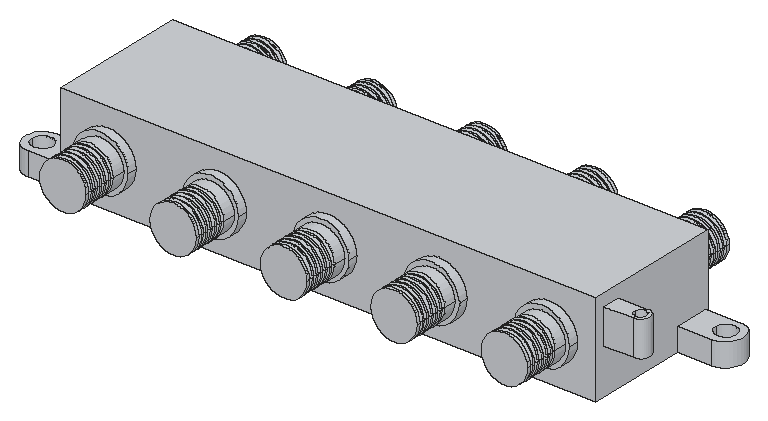
Revit family "Derivador 815-820-825", category Aparatos eléctricos, Revit 2019 (continued)
Lines and regions (mm)
  model lines, detail levels medium+fine
    curve 482: line (2.927, 9.152, 0) -> (2.927, 12.171, 0)
    curve 483: arc (-2.725, 12.188, 0) -> (-2.912, 12.374, 0) -> (-3.098, 12.188, 0) r 0.187
    curve 484: arc (2.553, 12.171, 0) -> (2.74, 12.358, 0) -> (2.927, 12.171, 0) r 0.187
    curve 485: line (-1.155, 11.719, 0) -> (0.093, 11.719, 0)
    curve 486: line (-0.134, 10.434, 0) -> (1.02, 11.588, 0)
    curve 487: line (-1.605, 11.906, 0) -> (-0.134, 10.434, 0)
    curve 488: line (-1.605, 11.906, 0) -> (-0.093, 11.906, 0)
    curve 489: line (-0.093, 13.25, 0) -> (-0.093, 11.906, 0)
    curve 490: arc (0.093, 13.25, 0) -> (0, 13.344, 0) -> (-0.093, 13.25, 0) r 0.093
    curve 491: arc (0.888, 11.72, 0) -> (1.02, 11.72, 0) -> (1.02, 11.588, 0) r 0.093
    curve 492: arc (-1.866, 6.117, 0) -> (-1.614, 5.865, 0) -> (-1.362, 6.117, 0) r 0.252
    curve 493: arc (-1.362, 8.527, 0) -> (-1.614, 8.78, 0) -> (-1.866, 8.527, 0) r 0.252
    curve 494: circle (-1.605, -7.425, 0) r 1.165 normal (0, 0, 1)
    curve 495: line (1.559, -6.519, 0) -> (1.559, -7.589, 0)
    curve 496: arc (1.559, -7.589, 0) -> (0.598, -8.527, 0) -> (-0.316, -7.542, 0) r 0.938
    curve 497: line (-0.316, -7.542, 0) -> (-0.316, -6.49, 0)
    curve 498: line (1.714, -6.845, 0) -> (2.299, -6.845, 0)
    curve 499: line (2.299, -6.845, 0) -> (2.299, -8.507, 0)
    curve 500: line (2.299, -8.507, 0) -> (2.799, -8.507, 0)
    curve 501: line (2.799, -8.507, 0) -> (2.799, -6.845, 0)
    curve 502: line (2.799, -6.845, 0) -> (3.377, -6.845, 0)
    curve 503: line (2.195, -12.108, 0) -> (2.195, -9.855, 0)
    curve 504: line (2.195, -9.855, 0) -> (-2.226, -9.855, 0)
    curve 505: line (-2.226, -9.855, 0) -> (-2.226, -12.095, 0)
    curve 506: line (-2.681, -12.095, 0) -> (-2.681, -9.449, 0)
    curve 507: line (-2.681, -9.449, 0) -> (2.648, -9.449, 0)
    curve 508: line (2.648, -9.449, 0) -> (2.648, -12.095, 0)
    curve 509: line (0, -7.551, 0) -> (0, -6.49, 0)
    curve 510: line (1.243, -6.519, 0) -> (1.243, -7.589, 0)
    curve 511: arc (1.243, -7.589, 0) -> (0.602, -8.211, 0) -> (0, -7.551, 0) r 0.622
    curve 512: arc (1.559, -6.519, 0) -> (1.401, -6.361, 0) -> (1.243, -6.519, 0) r 0.158
    curve 513: arc (-0.316, -6.49, 0) -> (-0.158, -6.332, 0) -> (0, -6.49, 0) r 0.158
    curve 514: circle (-1.605, -7.425, 0) r 0.849 normal (0, 0, 1)
    curve 515: line (1.714, -6.346, 0) -> (3.377, -6.346, 0)
    curve 516: line (1.714, -6.845, 0) -> (1.714, -6.346, 0)
    curve 517: line (3.377, -6.845, 0) -> (3.377, -6.346, 0)
    curve 518: arc (2.648, -12.095, 0) -> (2.428, -12.335, 0) -> (2.195, -12.108, 0) r 0.227
    curve 519: arc (-2.226, -12.095, 0) -> (-2.453, -12.322, 0) -> (-2.681, -12.095, 0) r 0.228
    curve 520: line (0.195, -10.172, 0) -> (0.195, -11.865, 0)
    curve 521: line (-0.864, -11.865, 0) -> (0, -12.73, 0)
    curve 522: line (0, -12.73, 0) -> (0.865, -11.865, 0)
    curve 523: line (-0.864, -11.865, 0) -> (0.195, -11.865, 0)
    curve 524: line (0, -12.953, 0) -> (0.977, -11.976, 0)
    curve 525: line (-1.246, -11.707, 0) -> (0, -12.953, 0)
    curve 526: line (-1.246, -11.707, 0) -> (0.031, -11.707, 0)
    curve 527: line (0.031, -10.172, 0) -> (0.031, -11.707, 0)
    curve 528: arc (0.195, -10.172, 0) -> (0.113, -10.089, 0) -> (0.031, -10.172, 0) r 0.082
    curve 529: arc (0.865, -11.865, 0) -> (0.977, -11.865, 0) -> (0.977, -11.976, 0) r 0.079
    curve 546: line (-0.19, 7.912, 20) -> (0.527, 6.265, 20)
    curve 547: arc (0.527, 6.265, 20) -> (1.2, 5.937, 20) -> (1.632, 6.548, 20) r 0.578
    curve 548: line (1.632, 6.548, 20) -> (1.679, 8.35, 20)
    curve 549: arc (1.679, 8.35, 20) -> (1.409, 8.621, 20) -> (1.151, 8.338, 20) r 0.264
    curve 550: line (1.151, 8.338, 20) -> (1.151, 6.834, 20)
    curve 551: line (-1.362, 8.527, 20) -> (-1.362, 6.117, 20)
    curve 552: line (0.845, 6.834, 20) -> (0.169, 8.287, 20)
    curve 553: arc (0.169, 8.287, 20) -> (-0.414, 8.642, 20) -> (-0.965, 8.238, 20) r 0.614
    curve 554: line (-0.965, 8.238, 20) -> (-0.965, 6.117, 20)
    curve 555: line (-2.725, 12.188, 20) -> (-2.725, 9.526, 20)
    curve 556: line (-2.725, 9.526, 20) -> (2.553, 9.526, 20)
    curve 557: line (2.553, 9.526, 20) -> (2.553, 12.171, 20)
    curve 558: line (0.093, 13.25, 20) -> (0.093, 11.719, 20)
    curve 559: line (-1.155, 11.719, 20) -> (-0.134, 10.698, 20)
    curve 560: line (-0.134, 10.698, 20) -> (0.888, 11.72, 20)
    curve 561: line (-0.461, 7.902, 20) -> (-0.461, 6.117, 20)
    curve 562: arc (-0.965, 6.117, 20) -> (-0.713, 5.865, 20) -> (-0.461, 6.117, 20) r 0.252
    curve 563: arc (-0.19, 7.912, 20) -> (-0.33, 8.038, 20) -> (-0.461, 7.902, 20) r 0.136
    curve 564: arc (1.151, 6.834, 20) -> (0.998, 6.737, 20) -> (0.845, 6.834, 20) r 0.169
    curve 565: line (-1.866, 8.527, 20) -> (-1.866, 6.117, 20)
    curve 566: line (-3.098, 12.188, 20) -> (-3.098, 9.152, 20)
    curve 567: line (-3.098, 9.152, 20) -> (2.927, 9.152, 20)
    curve 568: line (2.927, 9.152, 20) -> (2.927, 12.171, 20)
    curve 569: arc (-2.725, 12.188, 20) -> (-2.912, 12.374, 20) -> (-3.098, 12.188, 20) r 0.187
    curve 570: arc (2.553, 12.171, 20) -> (2.74, 12.358, 20) -> (2.927, 12.171, 20) r 0.187
    curve 571: line (-1.155, 11.719, 20) -> (0.093, 11.719, 20)
    curve 572: line (-0.134, 10.434, 20) -> (1.02, 11.588, 20)
    curve 573: line (-1.605, 11.906, 20) -> (-0.134, 10.434, 20)
    curve 574: line (-1.605, 11.906, 20) -> (-0.093, 11.906, 20)
    curve 575: line (-0.093, 13.25, 20) -> (-0.093, 11.906, 20)
    curve 576: arc (0.093, 13.25, 20) -> (0, 13.344, 20) -> (-0.093, 13.25, 20) r 0.093
    curve 577: arc (0.888, 11.72, 20) -> (1.02, 11.72, 20) -> (1.02, 11.588, 20) r 0.093
    curve 578: arc (-1.866, 6.117, 20) -> (-1.614, 5.865, 20) -> (-1.362, 6.117, 20) r 0.252
    curve 579: arc (-1.362, 8.527, 20) -> (-1.614, 8.78, 20) -> (-1.866, 8.527, 20) r 0.252
    curve 580: circle (-1.605, -7.425, 20) r 1.165 normal (0, 0, 1)
    curve 581: line (1.559, -6.519, 20) -> (1.559, -7.589, 20)
    curve 582: arc (1.559, -7.589, 20) -> (0.598, -8.527, 20) -> (-0.316, -7.542, 20) r 0.938
    curve 583: line (-0.316, -7.542, 20) -> (-0.316, -6.49, 20)
    curve 584: line (1.714, -6.845, 20) -> (2.299, -6.845, 20)
    curve 585: line (2.299, -6.845, 20) -> (2.299, -8.507, 20)
    curve 586: line (2.299, -8.507, 20) -> (2.799, -8.507, 20)
    curve 587: line (2.799, -8.507, 20) -> (2.799, -6.845, 20)
    curve 588: line (2.799, -6.845, 20) -> (3.377, -6.845, 20)
    curve 589: line (2.195, -12.108, 20) -> (2.195, -9.855, 20)
    curve 590: line (2.195, -9.855, 20) -> (-2.226, -9.855, 20)
    curve 591: line (-2.226, -9.855, 20) -> (-2.226, -12.095, 20)
    curve 592: line (-2.681, -12.095, 20) -> (-2.681, -9.449, 20)
    curve 593: line (-2.681, -9.449, 20) -> (2.648, -9.449, 20)
    curve 594: line (2.648, -9.449, 20) -> (2.648, -12.095, 20)
    curve 595: line (0, -7.551, 20) -> (0, -6.49, 20)
    curve 596: line (1.243, -6.519, 20) -> (1.243, -7.589, 20)
    curve 597: arc (1.243, -7.589, 20) -> (0.602, -8.211, 20) -> (0, -7.551, 20) r 0.622
    curve 598: arc (1.559, -6.519, 20) -> (1.401, -6.361, 20) -> (1.243, -6.519, 20) r 0.158
    curve 599: arc (-0.316, -6.49, 20) -> (-0.158, -6.332, 20) -> (0, -6.49, 20) r 0.158
    curve 600: circle (-1.605, -7.425, 20) r 0.849 normal (0, 0, 1)
    curve 601: line (1.714, -6.346, 20) -> (3.377, -6.346, 20)
    curve 602: line (1.714, -6.845, 20) -> (1.714, -6.346, 20)
    curve 603: line (3.377, -6.845, 20) -> (3.377, -6.346, 20)
    curve 604: arc (2.648, -12.095, 20) -> (2.428, -12.335, 20) -> (2.195, -12.108, 20) r 0.227
    curve 605: arc (-2.226, -12.095, 20) -> (-2.453, -12.322, 20) -> (-2.681, -12.095, 20) r 0.228
    curve 606: line (0.195, -10.172, 20) -> (0.195, -11.865, 20)
    curve 607: line (-0.864, -11.865, 20) -> (0, -12.73, 20)
    curve 608: line (0, -12.73, 20) -> (0.865, -11.865, 20)
    curve 609: line (-0.864, -11.865, 20) -> (0.195, -11.865, 20)
    curve 610: line (0, -12.953, 20) -> (0.977, -11.976, 20)
    curve 611: line (-1.246, -11.707, 20) -> (0, -12.953, 20)
    curve 612: line (-1.246, -11.707, 20) -> (0.031, -11.707, 20)
    curve 613: line (0.031, -10.172, 20) -> (0.031, -11.707, 20)
    curve 614: arc (0.195, -10.172, 20) -> (0.113, -10.089, 20) -> (0.031, -10.172, 20) r 0.082
    curve 615: arc (0.865, -11.865, 20) -> (0.977, -11.865, 20) -> (0.977, -11.976, 20) r 0.079
    curve 768: line (-29.163, -0.392, 20) -> (-31.178, -0.392, 20)
    curve 769: arc (-31.178, -0.392, 20) -> (-31.647, 0.077, 20) -> (-31.178, 0.546, 20) r 0.469
    curve 770: line (-31.178, 0.546, 20) -> (-29.163, 0.546, 20)
    curve 771: arc (-29.163, 0.546, 20) -> (-28.745, 0.964, 20) -> (-29.163, 1.382, 20) r 0.418
    curve 772: line (-29.163, 1.382, 20) -> (-31.31, 1.382, 20)
    curve 773: arc (-31.31, 1.382, 20) -> (-32.496, 0.432, 20) -> (-31.546, -0.754, 20) r 1.075
    curve 774: arc (-31.546, -0.754, 20) -> (-32.524, -1.985, 20) -> (-31.293, -2.963, 20) r 1.112
    curve 775: line (-31.293, -2.963, 20) -> (-29.163, -2.963, 20)
    curve 776: arc (-29.163, -2.963, 20) -> (-28.741, -2.54, 20) -> (-29.163, -2.117, 20) r 0.423
    curve 777: line (-29.163, -2.117, 20) -> (-31.178, -2.117, 20)
    curve 778: arc (-31.178, -2.117, 20) -> (-31.661, -1.635, 20) -> (-31.178, -1.152, 20) r 0.483
    curve 779: line (-31.178, -1.152, 20) -> (-29.163, -1.152, 20)
    curve 780: arc (-29.163, -1.152, 20) -> (-28.783, -0.772, 20) -> (-29.163, -0.392, 20) r 0.38
    curve 781: line (-23.944, -2.963, 20) -> (-25.174, -2.963, 20)
    curve 782: line (-25.174, -2.963, 20) -> (-26.171, -1.345, 20)
    curve 783: line (-26.171, -1.345, 20) -> (-27.421, -1.355, 20)
    curve 784: line (-27.421, -1.355, 20) -> (-27.421, -2.963, 20)
    curve 785: line (-27.421, -2.963, 20) -> (-28.289, -2.963, 20)
    curve 786: line (-28.289, -2.963, 20) -> (-28.289, -0.474, 20)
    curve 787: line (-28.289, -0.474, 20) -> (-25.684, -0.474, 20)
    curve 788: arc (-25.684, -0.474, 20) -> (-25.147, 0.063, 20) -> (-25.684, 0.599, 20) r 0.537
    curve 789: line (-25.684, 0.599, 20) -> (-28.289, 0.599, 20)
    curve 790: line (-28.289, 0.599, 20) -> (-28.289, 1.503, 20)
    curve 791: line (-28.289, 1.503, 20) -> (-25.575, 1.503, 20)
    curve 792: arc (-25.575, 1.503, 20) -> (-24.183, 0.245, 20) -> (-25.293, -1.267, 20) r 1.399
    curve 793: line (-25.293, -1.267, 20) -> (-23.944, -2.963, 20)
    curve 794: line (-36.75, -2.963, 20) -> (-36.75, 1.503, 20)
    curve 795: arc (-36.75, 1.503, 20) -> (-32.828, -0.73, 20) -> (-36.75, -2.963, 20) r 2.597
    curve 796: arc (-35.896, 0.947, 20) -> (-33.682, -0.73, 20) -> (-35.896, -2.407, 20) r 1.742
    curve 797: line (-35.896, -2.407, 20) -> (-35.896, 0.947, 20)
    curve 798: line (20.266, -7.36, 20) -> (20.85, -7.36, 20)
    curve 799: line (20.85, -7.36, 20) -> (20.85, -9.022, 20)
    curve 800: line (20.85, -9.022, 20) -> (21.35, -9.022, 20)
    curve 801: line (21.35, -9.022, 20) -> (21.35, -7.36, 20)
    curve 802: line (21.35, -7.36, 20) -> (21.929, -7.36, 20)
    curve 803: line (20.266, -6.861, 20) -> (21.929, -6.861, 20)
    curve 804: line (20.266, -7.36, 20) -> (20.266, -6.861, 20)
    curve 805: line (21.929, -7.36, 20) -> (21.929, -6.861, 20)
    curve 823: line (25.565, -12.108, 20) -> (25.565, -9.855, 20)
    curve 824: line (25.565, -9.855, 20) -> (21.144, -9.855, 20)
    curve 825: line (21.144, -9.855, 20) -> (21.144, -12.095, 20)
    curve 826: line (20.689, -12.095, 20) -> (20.689, -9.449, 20)
    curve 827: line (20.689, -9.449, 20) -> (26.018, -9.449, 20)
    curve 828: line (26.018, -9.449, 20) -> (26.018, -12.095, 20)
    curve 829: arc (26.018, -12.095, 20) -> (25.798, -12.335, 20) -> (25.565, -12.108, 20) r 0.227
    curve 830: arc (21.144, -12.095, 20) -> (20.917, -12.322, 20) -> (20.689, -12.095, 20) r 0.228
    curve 831: line (23.565, -10.172, 20) -> (23.565, -11.865, 20)
    curve 832: line (22.506, -11.865, 20) -> (23.37, -12.73, 20)
    curve 833: line (23.37, -12.73, 20) -> (24.235, -11.865, 20)
    curve 834: line (22.506, -11.865, 20) -> (23.565, -11.865, 20)
    curve 835: line (23.37, -12.953, 20) -> (24.347, -11.976, 20)
    curve 836: line (22.124, -11.707, 20) -> (23.37, -12.953, 20)
    curve 837: line (22.124, -11.707, 20) -> (23.401, -11.707, 20)
    curve 838: line (23.401, -10.172, 20) -> (23.401, -11.707, 20)
    curve 839: arc (23.565, -10.172, 20) -> (23.483, -10.089, 20) -> (23.401, -10.172, 20) r 0.082
    curve 840: arc (24.235, -11.865, 20) -> (24.347, -11.865, 20) -> (24.347, -11.976, 20) r 0.079
    curve 848: line (18.056, -7.36, 20) -> (18.641, -7.36, 20)
    curve 849: line (18.641, -7.36, 20) -> (18.641, -9.022, 20)
    curve 850: line (18.641, -9.022, 20) -> (19.141, -9.022, 20)
    curve 851: line (19.141, -9.022, 20) -> (19.141, -7.36, 20)
    curve 852: line (19.141, -7.36, 20) -> (19.719, -7.36, 20)
    curve 853: line (18.056, -6.861, 20) -> (19.719, -6.861, 20)
    curve 854: line (18.056, -7.36, 20) -> (18.056, -6.861, 20)
    curve 855: line (19.719, -7.36, 20) -> (19.719, -6.861, 20)
    curve 873: line (23.355, -12.108, 20) -> (23.355, -9.855, 20)
    curve 874: line (23.355, -9.855, 20) -> (18.935, -9.855, 20)
    curve 875: line (18.935, -9.855, 20) -> (18.935, -12.095, 20)
    curve 876: line (18.48, -12.095, 20) -> (18.48, -9.449, 20)
    curve 877: line (18.48, -9.449, 20) -> (23.808, -9.449, 20)
    curve 878: line (23.808, -9.449, 20) -> (23.808, -12.095, 20)
    curve 879: arc (23.808, -12.095, 20) -> (23.589, -12.335, 20) -> (23.355, -12.108, 20) r 0.227
    curve 880: arc (18.935, -12.095, 20) -> (18.707, -12.322, 20) -> (18.48, -12.095, 20) r 0.228
    curve 881: line (21.356, -10.172, 20) -> (21.356, -11.865, 20)
    curve 882: line (20.296, -11.865, 20) -> (21.161, -12.73, 20)
    curve 883: line (21.161, -12.73, 20) -> (22.025, -11.865, 20)
    curve 884: line (20.296, -11.865, 20) -> (21.356, -11.865, 20)
    curve 885: line (21.161, -12.953, 20) -> (22.137, -11.976, 20)
    curve 886: line (19.915, -11.707, 20) -> (21.161, -12.953, 20)
    curve 887: line (19.915, -11.707, 20) -> (21.191, -11.707, 20)
    curve 888: line (21.191, -10.172, 20) -> (21.191, -11.707, 20)
    curve 889: arc (21.356, -10.172, 20) -> (21.274, -10.089, 20) -> (21.191, -10.172, 20) r 0.082
    curve 890: arc (22.025, -11.865, 20) -> (22.137, -11.865, 20) -> (22.137, -11.976, 20) r 0.079
    curve 896: line (44.016, -7.36, 20) -> (44.6, -7.36, 20)
    curve 897: line (44.6, -7.36, 20) -> (44.6, -9.022, 20)
    curve 898: line (44.6, -9.022, 20) -> (45.1, -9.022, 20)
    curve 899: line (45.1, -9.022, 20) -> (45.1, -7.36, 20)
    curve 900: line (45.1, -7.36, 20) -> (45.679, -7.36, 20)
    curve 901: line (44.016, -6.861, 20) -> (45.679, -6.861, 20)
    curve 902: line (44.016, -7.36, 20) -> (44.016, -6.861, 20)
    curve 903: line (45.679, -7.36, 20) -> (45.679, -6.861, 20)
    curve 921: line (49.315, -12.108, 20) -> (49.315, -9.855, 20)
    curve 922: line (49.315, -9.855, 20) -> (44.894, -9.855, 20)
    curve 923: line (44.894, -9.855, 20) -> (44.894, -12.095, 20)
    curve 924: line (44.439, -12.095, 20) -> (44.439, -9.449, 20)
    curve 925: line (44.439, -9.449, 20) -> (49.768, -9.449, 20)
    curve 926: line (49.768, -9.449, 20) -> (49.768, -12.095, 20)
    curve 927: arc (49.768, -12.095, 20) -> (49.548, -12.335, 20) -> (49.315, -12.108, 20) r 0.227
    curve 928: arc (44.894, -12.095, 20) -> (44.667, -12.322, 20) -> (44.439, -12.095, 20) r 0.228
    curve 929: line (47.315, -10.172, 20) -> (47.315, -11.865, 20)
    curve 930: line (46.256, -11.865, 20) -> (47.12, -12.73, 20)
    curve 931: line (47.12, -12.73, 20) -> (47.985, -11.865, 20)
    curve 932: line (46.256, -11.865, 20) -> (47.315, -11.865, 20)
    curve 933: line (47.12, -12.953, 20) -> (48.097, -11.976, 20)
    curve 934: line (45.874, -11.707, 20) -> (47.12, -12.953, 20)
    curve 935: line (45.874, -11.707, 20) -> (47.151, -11.707, 20)
    curve 936: line (47.151, -10.172, 20) -> (47.151, -11.707, 20)
    curve 937: arc (47.315, -10.172, 20) -> (47.233, -10.089, 20) -> (47.151, -10.172, 20) r 0.082
    curve 938: arc (47.985, -11.865, 20) -> (48.097, -11.865, 20) -> (48.097, -11.976, 20) r 0.079
    curve 944: line (-27.234, -7.36, 20) -> (-26.65, -7.36, 20)
    curve 945: line (-26.65, -7.36, 20) -> (-26.65, -9.022, 20)
    curve 946: line (-26.65, -9.022, 20) -> (-26.15, -9.022, 20)
    curve 947: line (-26.15, -9.022, 20) -> (-26.15, -7.36, 20)
    curve 948: line (-26.15, -7.36, 20) -> (-25.571, -7.36, 20)
    curve 949: line (-27.234, -6.861, 20) -> (-25.571, -6.861, 20)
    curve 950: line (-27.234, -7.36, 20) -> (-27.234, -6.861, 20)
    curve 951: line (-25.571, -7.36, 20) -> (-25.571, -6.861, 20)
    curve 969: line (-21.935, -12.108, 20) -> (-21.935, -9.855, 20)
    curve 970: line (-21.935, -9.855, 20) -> (-26.356, -9.855, 20)
    curve 971: line (-26.356, -9.855, 20) -> (-26.356, -12.095, 20)
    curve 972: line (-26.811, -12.095, 20) -> (-26.811, -9.449, 20)
    curve 973: line (-26.811, -9.449, 20) -> (-21.482, -9.449, 20)
    curve 974: line (-21.482, -9.449, 20) -> (-21.482, -12.095, 20)
    curve 975: arc (-21.482, -12.095, 20) -> (-21.702, -12.335, 20) -> (-21.935, -12.108, 20) r 0.227
    curve 976: arc (-26.356, -12.095, 20) -> (-26.583, -12.322, 20) -> (-26.811, -12.095, 20) r 0.228
    curve 977: line (-23.935, -10.172, 20) -> (-23.935, -11.865, 20)
    curve 978: line (-24.994, -11.865, 20) -> (-24.13, -12.73, 20)
    curve 979: line (-24.13, -12.73, 20) -> (-23.265, -11.865, 20)
    curve 980: line (-24.994, -11.865, 20) -> (-23.935, -11.865, 20)
    curve 981: line (-24.13, -12.953, 20) -> (-23.153, -11.976, 20)
    curve 982: line (-25.376, -11.707, 20) -> (-24.13, -12.953, 20)
    curve 983: line (-25.376, -11.707, 20) -> (-24.099, -11.707, 20)
    curve 984: line (-24.099, -10.172, 20) -> (-24.099, -11.707, 20)
    curve 985: arc (-23.935, -10.172, 20) -> (-24.017, -10.089, 20) -> (-24.099, -10.172, 20) r 0.082
    curve 986: arc (-23.265, -11.865, 20) -> (-23.153, -11.865, 20) -> (-23.153, -11.976, 20) r 0.079
    curve 992: line (-50.984, -7.36, 20) -> (-50.4, -7.36, 20)
    curve 993: line (-50.4, -7.36, 20) -> (-50.4, -9.022, 20)
    curve 994: line (-50.4, -9.022, 20) -> (-49.9, -9.022, 20)
    curve 995: line (-49.9, -9.022, 20) -> (-49.9, -7.36, 20)
    curve 996: line (-49.9, -7.36, 20) -> (-49.321, -7.36, 20)
    curve 997: line (-50.984, -6.861, 20) -> (-49.321, -6.861, 20)
    curve 998: line (-50.984, -7.36, 20) -> (-50.984, -6.861, 20)
    curve 999: line (-49.321, -7.36, 20) -> (-49.321, -6.861, 20)
    curve 1017: line (-45.685, -12.108, 20) -> (-45.685, -9.855, 20)
    curve 1018: line (-45.685, -9.855, 20) -> (-50.106, -9.855, 20)
    curve 1019: line (-50.106, -9.855, 20) -> (-50.106, -12.095, 20)
    curve 1020: line (-50.561, -12.095, 20) -> (-50.561, -9.449, 20)
    curve 1021: line (-50.561, -9.449, 20) -> (-45.232, -9.449, 20)
    curve 1022: line (-45.232, -9.449, 20) -> (-45.232, -12.095, 20)
    curve 1023: arc (-45.232, -12.095, 20) -> (-45.452, -12.335, 20) -> (-45.685, -12.108, 20) r 0.227
    curve 1024: arc (-50.106, -12.095, 20) -> (-50.333, -12.322, 20) -> (-50.561, -12.095, 20) r 0.228
    curve 1025: line (-47.685, -10.172, 20) -> (-47.685, -11.865, 20)
    curve 1026: line (-48.744, -11.865, 20) -> (-47.88, -12.73, 20)
    curve 1027: line (-47.88, -12.73, 20) -> (-47.015, -11.865, 20)
    curve 1028: line (-48.744, -11.865, 20) -> (-47.685, -11.865, 20)
    curve 1029: line (-47.88, -12.953, 20) -> (-46.903, -11.976, 20)
    curve 1030: line (-49.126, -11.707, 20) -> (-47.88, -12.953, 20)
    curve 1031: line (-49.126, -11.707, 20) -> (-47.849, -11.707, 20)
    curve 1032: line (-47.849, -10.172, 20) -> (-47.849, -11.707, 20)
    curve 1033: arc (-47.685, -10.172, 20) -> (-47.767, -10.089, 20) -> (-47.849, -10.172, 20) r 0.082
    curve 1034: arc (-47.015, -11.865, 20) -> (-46.903, -11.865, 20) -> (-46.903, -11.976, 20) r 0.079
    curve 1040: line (20.266, 10.978, 20) -> (20.85, 10.978, 20)
    curve 1041: line (20.85, 10.978, 20) -> (20.85, 9.316, 20)
    curve 1042: line (20.85, 9.316, 20) -> (21.35, 9.316, 20)
    curve 1043: line (21.35, 9.316, 20) -> (21.35, 10.978, 20)
    curve 1044: line (21.35, 10.978, 20) -> (21.929, 10.978, 20)
    curve 1045: line (20.266, 11.477, 20) -> (21.929, 11.477, 20)
    curve 1046: line (20.266, 10.978, 20) -> (20.266, 11.477, 20)
    curve 1047: line (21.929, 10.978, 20) -> (21.929, 11.477, 20)
    curve 1065: line (25.565, 6.23, 20) -> (25.565, 8.483, 20)
    curve 1066: line (25.565, 8.483, 20) -> (21.144, 8.483, 20)
    curve 1067: line (21.144, 8.483, 20) -> (21.144, 6.243, 20)
    curve 1068: line (20.689, 6.243, 20) -> (20.689, 8.889, 20)
    curve 1069: line (20.689, 8.889, 20) -> (26.018, 8.889, 20)
    curve 1070: line (26.018, 8.889, 20) -> (26.018, 6.243, 20)
    curve 1071: arc (26.018, 6.243, 20) -> (25.798, 6.003, 20) -> (25.565, 6.23, 20) r 0.227
    curve 1072: arc (21.144, 6.243, 20) -> (20.917, 6.016, 20) -> (20.689, 6.243, 20) r 0.228
    curve 1073: line (23.565, 8.166, 20) -> (23.565, 6.473, 20)
    curve 1074: line (22.506, 6.473, 20) -> (23.37, 5.608, 20)
    curve 1075: line (23.37, 5.608, 20) -> (24.235, 6.473, 20)
    curve 1076: line (22.506, 6.473, 20) -> (23.565, 6.473, 20)
    curve 1077: line (23.37, 5.385, 20) -> (24.347, 6.362, 20)
    curve 1078: line (22.124, 6.631, 20) -> (23.37, 5.385, 20)
    curve 1079: line (22.124, 6.631, 20) -> (23.401, 6.631, 20)
    curve 1080: line (23.401, 8.166, 20) -> (23.401, 6.631, 20)
    curve 1081: arc (23.565, 8.166, 20) -> (23.483, 8.249, 20) -> (23.401, 8.166, 20) r 0.082
    curve 1082: arc (24.235, 6.473, 20) -> (24.347, 6.473, 20) -> (24.347, 6.362, 20) r 0.079
    curve 1088: line (44.016, 10.978, 20) -> (44.6, 10.978, 20)
    curve 1089: line (44.6, 10.978, 20) -> (44.6, 9.316, 20)
    curve 1090: line (44.6, 9.316, 20) -> (45.1, 9.316, 20)
    curve 1091: line (45.1, 9.316, 20) -> (45.1, 10.978, 20)
    curve 1092: line (45.1, 10.978, 20) -> (45.679, 10.978, 20)
    curve 1093: line (44.016, 11.477, 20) -> (45.679, 11.477, 20)
    curve 1094: line (44.016, 10.978, 20) -> (44.016, 11.477, 20)
    curve 1095: line (45.679, 10.978, 20) -> (45.679, 11.477, 20)
    curve 1113: line (49.315, 6.23, 20) -> (49.315, 8.483, 20)
    curve 1114: line (49.315, 8.483, 20) -> (44.894, 8.483, 20)
    curve 1115: line (44.894, 8.483, 20) -> (44.894, 6.243, 20)
    curve 1116: line (44.439, 6.243, 20) -> (44.439, 8.889, 20)
    curve 1117: line (44.439, 8.889, 20) -> (49.768, 8.889, 20)
    curve 1118: line (49.768, 8.889, 20) -> (49.768, 6.243, 20)
    curve 1119: arc (49.768, 6.243, 20) -> (49.548, 6.003, 20) -> (49.315, 6.23, 20) r 0.227
    curve 1120: arc (44.894, 6.243, 20) -> (44.667, 6.016, 20) -> (44.439, 6.243, 20) r 0.228
    curve 1121: line (47.315, 8.166, 20) -> (47.315, 6.473, 20)
    curve 1122: line (46.256, 6.473, 20) -> (47.12, 5.608, 20)
    curve 1123: line (47.12, 5.608, 20) -> (47.985, 6.473, 20)
    curve 1124: line (46.256, 6.473, 20) -> (47.315, 6.473, 20)
    curve 1125: line (47.12, 5.385, 20) -> (48.097, 6.362, 20)
    curve 1126: line (45.874, 6.631, 20) -> (47.12, 5.385, 20)
    curve 1127: line (45.874, 6.631, 20) -> (47.151, 6.631, 20)
    curve 1128: line (47.151, 8.166, 20) -> (47.151, 6.631, 20)
    curve 1129: arc (47.315, 8.166, 20) -> (47.233, 8.249, 20) -> (47.151, 8.166, 20) r 0.082
    curve 1130: arc (47.985, 6.473, 20) -> (48.097, 6.473, 20) -> (48.097, 6.362, 20) r 0.079
    curve 1136: line (-27.234, 10.978, 20) -> (-26.65, 10.978, 20)
    curve 1137: line (-26.65, 10.978, 20) -> (-26.65, 9.316, 20)
    curve 1138: line (-26.65, 9.316, 20) -> (-26.15, 9.316, 20)
    curve 1139: line (-26.15, 9.316, 20) -> (-26.15, 10.978, 20)
    curve 1140: line (-26.15, 10.978, 20) -> (-25.571, 10.978, 20)
    curve 1141: line (-27.234, 11.477, 20) -> (-25.571, 11.477, 20)
    curve 1142: line (-27.234, 10.978, 20) -> (-27.234, 11.477, 20)
    curve 1143: line (-25.571, 10.978, 20) -> (-25.571, 11.477, 20)
    curve 1161: line (-21.935, 6.23, 20) -> (-21.935, 8.483, 20)
    curve 1162: line (-21.935, 8.483, 20) -> (-26.356, 8.483, 20)
    curve 1163: line (-26.356, 8.483, 20) -> (-26.356, 6.243, 20)
    curve 1164: line (-26.811, 6.243, 20) -> (-26.811, 8.889, 20)
    curve 1165: line (-26.811, 8.889, 20) -> (-21.482, 8.889, 20)
    curve 1166: line (-21.482, 8.889, 20) -> (-21.482, 6.243, 20)
    curve 1167: arc (-21.482, 6.243, 20) -> (-21.702, 6.003, 20) -> (-21.935, 6.23, 20) r 0.227
    curve 1168: arc (-26.356, 6.243, 20) -> (-26.583, 6.016, 20) -> (-26.811, 6.243, 20) r 0.228
    curve 1169: line (-23.935, 8.166, 20) -> (-23.935, 6.473, 20)
    curve 1170: line (-24.994, 6.473, 20) -> (-24.13, 5.608, 20)
    curve 1171: line (-24.13, 5.608, 20) -> (-23.265, 6.473, 20)
    curve 1172: line (-24.994, 6.473, 20) -> (-23.935, 6.473, 20)
    curve 1173: line (-24.13, 5.385, 20) -> (-23.153, 6.362, 20)
    curve 1174: line (-25.376, 6.631, 20) -> (-24.13, 5.385, 20)
    curve 1175: line (-25.376, 6.631, 20) -> (-24.099, 6.631, 20)
    curve 1176: line (-24.099, 8.166, 20) -> (-24.099, 6.631, 20)
    curve 1177: arc (-23.935, 8.166, 20) -> (-24.017, 8.249, 20) -> (-24.099, 8.166, 20) r 0.082
    curve 1178: arc (-23.265, 6.473, 20) -> (-23.153, 6.473, 20) -> (-23.153, 6.362, 20) r 0.079
    curve 1184: line (-50.984, 10.978, 20) -> (-50.4, 10.978, 20)
    curve 1185: line (-50.4, 10.978, 20) -> (-50.4, 9.316, 20)
    curve 1186: line (-50.4, 9.316, 20) -> (-49.9, 9.316, 20)
    curve 1187: line (-49.9, 9.316, 20) -> (-49.9, 10.978, 20)
    curve 1188: line (-49.9, 10.978, 20) -> (-49.321, 10.978, 20)
    curve 1189: line (-50.984, 11.477, 20) -> (-49.321, 11.477, 20)
    curve 1190: line (-50.984, 10.978, 20) -> (-50.984, 11.477, 20)
    curve 1191: line (-49.321, 10.978, 20) -> (-49.321, 11.477, 20)
    curve 1209: line (-45.685, 6.23, 20) -> (-45.685, 8.483, 20)
    curve 1210: line (-45.685, 8.483, 20) -> (-50.106, 8.483, 20)
    curve 1211: line (-50.106, 8.483, 20) -> (-50.106, 6.243, 20)
    curve 1212: line (-50.561, 6.243, 20) -> (-50.561, 8.889, 20)
    curve 1213: line (-50.561, 8.889, 20) -> (-45.232, 8.889, 20)
    curve 1214: line (-45.232, 8.889, 20) -> (-45.232, 6.243, 20)
    curve 1215: arc (-45.232, 6.243, 20) -> (-45.452, 6.003, 20) -> (-45.685, 6.23, 20) r 0.227
    curve 1216: arc (-50.106, 6.243, 20) -> (-50.333, 6.016, 20) -> (-50.561, 6.243, 20) r 0.228
    curve 1217: line (-47.685, 8.166, 20) -> (-47.685, 6.473, 20)
    curve 1218: line (-48.744, 6.473, 20) -> (-47.88, 5.608, 20)
    curve 1219: line (-47.88, 5.608, 20) -> (-47.015, 6.473, 20)
    curve 1220: line (-48.744, 6.473, 20) -> (-47.685, 6.473, 20)
    curve 1221: line (-47.88, 5.385, 20) -> (-46.903, 6.362, 20)
    curve 1222: line (-49.126, 6.631, 20) -> (-47.88, 5.385, 20)
    curve 1223: line (-49.126, 6.631, 20) -> (-47.849, 6.631, 20)
    curve 1224: line (-47.849, 8.166, 20) -> (-47.849, 6.631, 20)
    curve 1225: arc (-47.685, 8.166, 20) -> (-47.767, 8.249, 20) -> (-47.849, 8.166, 20) r 0.082
    curve 1226: arc (-47.015, 6.473, 20) -> (-46.903, 6.473, 20) -> (-46.903, 6.362, 20) r 0.079
  model lines, detail levels fine
    curve 296: line (114.004, 46.287, 0) -> (113.237, 46.287, 0)
    curve 297: line (113.237, 46.287, 0) -> (112.572, 47.368, 0)
    curve 298: line (112.572, 47.368, 0) -> (111.81, 47.361, 0)
    curve 299: line (111.81, 47.361, 0) -> (111.81, 46.287, 0)
    curve 300: line (111.81, 46.287, 0) -> (111.282, 46.287, 0)
    curve 301: line (111.282, 46.287, 0) -> (111.282, 47.898, 0)
    curve 302: line (111.282, 47.898, 0) -> (112.868, 47.898, 0)
    curve 303: arc (112.868, 47.898, 0) -> (113.195, 48.225, 0) -> (112.868, 48.552, 0) r 0.327
    curve 304: line (112.868, 48.552, 0) -> (111.282, 48.552, 0)
    curve 305: line (111.282, 48.552, 0) -> (111.282, 49.102, 0)
    curve 306: line (111.282, 49.102, 0) -> (112.934, 49.102, 0)
    curve 307: arc (112.934, 49.102, 0) -> (113.782, 48.336, 0) -> (113.106, 47.415, 0) r 0.852
    curve 308: line (113.106, 47.415, 0) -> (114.004, 46.287, 0)
    curve 309: line (114.561, 48.542, 0) -> (115.116, 48.542, 0)
    curve 310: line (115.116, 48.542, 0) -> (115.703, 46.98, 0)
    curve 311: line (119.264, 46.287, 0) -> (117.759, 46.287, 0)
    curve 312: arc (117.759, 46.287, 0) -> (117.367, 46.454, 0) -> (117.215, 46.853, 0) r 0.544
    curve 313: line (117.215, 46.853, 0) -> (117.215, 47.974, 0)
    curve 314: arc (117.215, 47.974, 0) -> (117.356, 48.33, 0) -> (117.701, 48.494, 0) r 0.521
    curve 315: line (117.701, 48.494, 0) -> (118.706, 48.494, 0)
    curve 316: arc (118.706, 48.494, 0) -> (119.38, 47.858, 0) -> (118.743, 47.184, 0) r 0.655
    curve 317: line (118.743, 47.184, 0) -> (117.926, 47.184, 0)
    curve 318: arc (117.926, 47.184, 0) -> (117.719, 46.976, 0) -> (117.926, 46.768, 0) r 0.208
    curve 319: line (117.926, 46.768, 0) -> (119.264, 46.768, 0)
    curve 320: line (120.192, 47.74, 0) -> (120.192, 46.341, 0)
    curve 321: line (120.192, 46.341, 0) -> (119.715, 46.341, 0)
    curve 322: line (119.715, 46.341, 0) -> (119.715, 47.912, 0)
    curve 323: arc (119.715, 47.912, 0) -> (119.833, 48.262, 0) -> (120.139, 48.47, 0) r 0.58
    curve 324: line (120.139, 48.47, 0) -> (121.162, 48.47, 0)
    curve 325: line (123.361, 46.287, 0) -> (122.027, 46.287, 0)
    curve 326: arc (122.027, 46.287, 0) -> (121.556, 46.428, 0) -> (121.384, 46.888, 0) r 0.552
    curve 327: line (121.384, 46.888, 0) -> (121.384, 49.047, 0)
    curve 328: line (121.384, 49.047, 0) -> (121.875, 49.047, 0)
    curve 329: line (121.875, 49.047, 0) -> (121.875, 47.104, 0)
    curve 330: line (124.198, 48.506, 0) -> (124.198, 46.287, 0)
    curve 331: circle (123.954, 48.986, 0) r 0.288 normal (0, 0, 1)
    curve 332: line (124.593, 46.287, 0) -> (125.098, 46.287, 0)
    curve 333: line (125.098, 46.287, 0) -> (125.098, 48.02, 0)
    curve 334: line (125.098, 48.02, 0) -> (125.826, 48.02, 0)
    curve 335: arc (125.826, 48.02, 0) -> (126.188, 47.896, 0) -> (126.396, 47.574, 0) r 0.588
    curve 336: line (126.396, 47.574, 0) -> (126.396, 46.287, 0)
    curve 337: line (126.396, 46.287, 0) -> (126.895, 46.287, 0)
    curve 338: line (126.895, 46.287, 0) -> (126.895, 47.509, 0)
    curve 339: arc (126.895, 47.509, 0) -> (126.704, 48.088, 0) -> (126.206, 48.44, 0) r 0.973
    curve 340: line (126.206, 48.44, 0) -> (124.593, 48.44, 0)
    curve 341: line (124.593, 48.44, 0) -> (124.593, 46.287, 0)
    curve 342: line (129.267, 46.287, 0) -> (127.762, 46.287, 0)
    curve 343: arc (127.762, 46.287, 0) -> (127.39, 46.442, 0) -> (127.237, 46.816, 0) r 0.526
    curve 344: line (127.237, 46.816, 0) -> (127.237, 47.978, 0)
    curve 345: arc (127.237, 47.978, 0) -> (127.373, 48.326, 0) -> (127.71, 48.489, 0) r 0.513
    curve 346: line (127.71, 48.489, 0) -> (128.709, 48.489, 0)
    curve 347: arc (128.709, 48.489, 0) -> (129.38, 47.855, 0) -> (128.747, 47.184, 0) r 0.653
    curve 348: line (128.747, 47.184, 0) -> (127.93, 47.184, 0)
    curve 349: arc (127.93, 47.184, 0) -> (127.722, 46.976, 0) -> (127.93, 46.768, 0) r 0.208
    curve 350: line (127.93, 46.768, 0) -> (129.267, 46.768, 0)
    curve 351: spline (128.9, 47.777, 0) -> (128.879, 47.846, 0) -> (128.819, 47.911, 0) -> (128.723, 47.966, 0) -> (128.598, 48.008, 0) -> (128.453, 48.035, 0) -> (128.297, 48.044, 0) -> (128.14, 48.035, 0) -> (127.995, 48.008, 0) -> (127.87, 47.966, 0) -> (127.774, 47.911, 0) -> (127.714, 47.846, 0) -> (127.693, 47.777, 0) -> (127.714, 47.708, 0) -> (127.774, 47.643, 0) -> (127.87, 47.588, 0) -> (127.995, 47.545, 0) -> (128.14, 47.518, 0) -> (128.297, 47.509, 0) -> (128.453, 47.518, 0) -> (128.598, 47.545, 0) -> (128.723, 47.588, 0) -> (128.819, 47.643, 0) -> (128.879, 47.708, 0) -> (128.9, 47.777, 0)
    curve 352: spline (118.897, 47.777, 0) -> (118.876, 47.846, 0) -> (118.816, 47.911, 0) -> (118.72, 47.966, 0) -> (118.595, 48.008, 0) -> (118.45, 48.035, 0) -> (118.293, 48.044, 0) -> (118.137, 48.035, 0) -> (117.992, 48.008, 0) -> (117.867, 47.966, 0) -> (117.771, 47.911, 0) -> (117.711, 47.846, 0) -> (117.69, 47.777, 0) -> (117.711, 47.708, 0) -> (117.771, 47.643, 0) -> (117.867, 47.588, 0) -> (117.992, 47.545, 0) -> (118.137, 47.518, 0) -> (118.293, 47.509, 0) -> (118.45, 47.518, 0) -> (118.595, 47.545, 0) -> (118.72, 47.588, 0) -> (118.816, 47.643, 0) -> (118.876, 47.708, 0) -> (118.897, 47.777, 0)
    curve 353: line (120.102, 50.928, 0) -> (121.873, 51.901, 0)
    curve 354: arc (121.873, 51.901, 0) -> (122.479, 51.724, 0) -> (122.303, 51.118, 0) r 0.446
    curve 355: line (122.303, 51.118, 0) -> (120.313, 49.956, 0)
    curve 356: arc (120.313, 49.956, 0) -> (120.03, 49.88, 0) -> (119.746, 49.956, 0) r 0.561
    curve 357: line (119.746, 49.956, 0) -> (117.377, 51.561, 0)
    curve 358: line (117.377, 51.561, 0) -> (118.018, 52.491, 0)
    curve 359: line (119.692, 53.906, 0) -> (117.988, 52.944, 0)
    curve 360: arc (117.988, 52.944, 0) -> (117.322, 53.134, 0) -> (117.518, 53.798, 0) r 0.487
    curve 361: line (117.518, 53.798, 0) -> (121.373, 55.925, 0)
    curve 362: line (121.373, 55.925, 0) -> (120.008, 56.653, 0)
    curve 363: line (119.758, 56.611, 0) -> (117.265, 55.243, 0)
    curve 364: line (117.265, 55.243, 0) -> (117.265, 56.267, 0)
    curve 365: line (117.265, 56.267, 0) -> (119.668, 57.611, 0)
    curve 366: arc (119.668, 57.611, 0) -> (119.916, 57.669, 0) -> (120.157, 57.585, 0) r 0.46
    curve 367: line (120.157, 57.585, 0) -> (122.344, 56.449, 0)
    curve 368: line (122.344, 56.449, 0) -> (122.344, 55.395, 0)
    curve 369: line (122.344, 55.395, 0) -> (120.741, 54.478, 0)
    curve 370: line (120.741, 54.478, 0) -> (122.376, 53.529, 0)
    curve 371: line (122.376, 53.529, 0) -> (122.376, 52.955, 0)
    curve 372: line (122.376, 52.955, 0) -> (121.688, 52.525, 0)
    curve 373: line (116.008, 46.98, 0) -> (116.737, 48.542, 0)
    curve 374: line (117.231, 48.542, 0) -> (116.323, 46.558, 0)
    curve 375: arc (116.323, 46.558, 0) -> (115.905, 46.287, 0) -> (115.483, 46.552, 0) r 0.463
    curve 376: line (115.483, 46.552, 0) -> (114.561, 48.542, 0)
    curve 377: line (120.373, 47.983, 0) -> (121.162, 47.983, 0)
    curve 378: line (121.162, 47.983, 0) -> (121.162, 48.47, 0)
    curve 379: arc (120.373, 47.983, 0) -> (120.242, 47.891, 0) -> (120.192, 47.74, 0) r 0.254
    curve 380: line (119.264, 46.768, 0) -> (119.264, 46.287, 0)
    curve 381: line (123.361, 46.816, 0) -> (122.171, 46.816, 0)
    curve 382: arc (122.171, 46.816, 0) -> (121.964, 46.9, 0) -> (121.875, 47.104, 0) r 0.296
    curve 383: line (123.361, 46.287, 0) -> (123.361, 46.816, 0)
    curve 384: line (123.711, 48.506, 0) -> (123.711, 46.287, 0)
    curve 385: line (123.711, 48.506, 0) -> (124.198, 48.506, 0)
    curve 386: line (123.711, 46.287, 0) -> (124.198, 46.287, 0)
    curve 387: line (129.267, 46.287, 0) -> (129.267, 46.768, 0)
    curve 388: line (114.527, 48.506, 0) -> (114.527, 46.287, 0)
    curve 389: circle (114.283, 48.986, 0) r 0.288 normal (0, 0, 1)
    curve 390: line (114.075, 48.506, 0) -> (114.075, 46.287, 0)
    curve 391: line (114.075, 48.506, 0) -> (114.527, 48.506, 0)
    curve 392: line (114.004, 46.287, 0) -> (114.527, 46.287, 0)
    curve 393: line (116.737, 48.542, 0) -> (117.231, 48.542, 0)
    curve 394: arc (115.703, 46.98, 0) -> (115.855, 46.875, 0) -> (116.008, 46.98, 0) r 0.163
    curve 395: line (121.512, 52.98, 0) -> (119.956, 53.906, 0)
    curve 396: line (118.28, 52.077, 0) -> (119.945, 50.928, 0)
    curve 397: arc (119.945, 50.928, 0) -> (120.023, 50.904, 0) -> (120.102, 50.928, 0) r 0.139
    curve 398: line (118.28, 52.077, 0) -> (118.018, 52.491, 0)
    curve 399: line (121.512, 52.98, 0) -> (121.688, 52.525, 0)
    curve 400: arc (120.008, 56.653, 0) -> (119.88, 56.653, 0) -> (119.758, 56.611, 0) r 0.387
    curve 401: arc (119.956, 53.906, 0) -> (119.824, 53.94, 0) -> (119.692, 53.906, 0) r 0.269
    curve 402: line (-47.866, 7.24, 0) -> (-49.587, 10.222, 0)
    curve 403: line (-49.587, 10.222, 0) -> (-53.972, 2.99, 0)
    curve 404: line (-53.972, 2.99, 0) -> (-45.535, 2.99, 0)
    curve 405: line (-45.535, 2.99, 0) -> (-47.512, 6.638, 0)
    curve 406: line (-47.147, 7.105, 0) -> (-44.447, 2.295, 0)
    curve 407: line (-44.447, 2.295, 0) -> (-55.023, 2.295, 0)
    curve 408: line (-55.023, 2.295, 0) -> (-49.523, 11.339, 0)
    curve 409: line (-49.523, 11.339, 0) -> (-47.436, 7.621, 0)
    curve 410: line (-45.163, 9.641, 0) -> (-49.88, 5.45, 0)
    curve 411: line (-49.88, 5.45, 0) -> (-51.61, 6.606, 0)
    curve 412: line (-49.847, 3.653, 0) -> (-45.163, 9.641, 0)
    curve 413: line (-51.61, 5.816, 0) -> (-49.847, 3.653, 0)
    curve 414: line (-51.61, 6.606, 0) -> (-51.61, 5.816, 0)
    curve 415: line (-52.329, -0.918, 0) -> (-53.095, -0.918, 0)
    curve 416: line (-53.095, -0.918, 0) -> (-53.761, 0.162, 0)
    curve 417: line (-53.761, 0.162, 0) -> (-54.523, 0.156, 0)
    curve 418: line (-54.523, 0.156, 0) -> (-54.523, -0.918, 0)
    curve 419: line (-54.523, -0.918, 0) -> (-55.051, -0.918, 0)
    curve 420: line (-55.051, -0.918, 0) -> (-55.051, 0.693, 0)
    curve 421: line (-55.051, 0.693, 0) -> (-53.464, 0.693, 0)
    curve 422: arc (-53.464, 0.693, 0) -> (-53.138, 1.019, 0) -> (-53.464, 1.346, 0) r 0.327
    curve 423: line (-53.464, 1.346, 0) -> (-55.051, 1.346, 0)
    curve 424: line (-55.051, 1.346, 0) -> (-55.051, 1.896, 0)
    curve 425: line (-55.051, 1.896, 0) -> (-53.398, 1.896, 0)
    curve 426: arc (-53.398, 1.896, 0) -> (-52.551, 1.13, 0) -> (-53.227, 0.209, 0) r 0.852
    curve 427: line (-53.227, 0.209, 0) -> (-52.329, -0.918, 0)
    curve 428: line (-51.301, 1.226, 0) -> (-51.301, -0.992, 0)
    curve 429: circle (-51.544, 1.707, 0) r 0.288 normal (0, 0, 1)
    curve 430: line (-51.823, 1.226, 0) -> (-51.823, -0.992, 0)
    curve 431: line (-51.823, 1.226, 0) -> (-51.301, 1.226, 0)
    curve 432: line (-51.823, -0.992, 0) -> (-51.301, -0.992, 0)
    curve 433: line (-50.924, 1.216, 0) -> (-50.154, 1.216, 0)
    curve 434: line (-50.154, 1.216, 0) -> (-50.154, -0.972, 0)
    curve 435: line (-50.154, -0.972, 0) -> (-49.497, -0.972, 0)
    curve 436: line (-49.497, -0.972, 0) -> (-49.497, 1.216, 0)
    curve 437: line (-49.497, 1.216, 0) -> (-48.735, 1.216, 0)
    curve 438: line (-50.924, 1.874, 0) -> (-48.735, 1.874, 0)
    curve 439: line (-50.924, 1.216, 0) -> (-50.924, 1.874, 0)
    curve 440: line (-48.735, 1.216, 0) -> (-48.735, 1.874, 0)
    curve 441: line (-46.381, -0.919, 0) -> (-47.886, -0.919, 0)
    curve 442: arc (-47.886, -0.919, 0) -> (-48.278, -0.752, 0) -> (-48.429, -0.353, 0) r 0.544
    curve 443: line (-48.429, -0.353, 0) -> (-48.429, 0.768, 0)
    curve 444: arc (-48.429, 0.768, 0) -> (-48.289, 1.124, 0) -> (-47.944, 1.288, 0) r 0.521
    curve 445: line (-47.944, 1.288, 0) -> (-46.939, 1.288, 0)
    curve 446: arc (-46.939, 1.288, 0) -> (-46.265, 0.651, 0) -> (-46.901, -0.022, 0) r 0.655
    curve 447: line (-46.901, -0.022, 0) -> (-47.718, -0.022, 0)
    curve 448: arc (-47.718, -0.022, 0) -> (-47.926, -0.23, 0) -> (-47.718, -0.438, 0) r 0.208
    curve 449: line (-47.718, -0.438, 0) -> (-46.381, -0.438, 0)
    curve 450: line (-44.071, -0.919, 0) -> (-45.405, -0.919, 0)
    curve 451: arc (-45.405, -0.919, 0) -> (-45.875, -0.778, 0) -> (-46.048, -0.319, 0) r 0.552
    curve 452: line (-46.048, -0.319, 0) -> (-46.048, 1.841, 0)
    curve 453: line (-46.048, 1.841, 0) -> (-45.557, 1.841, 0)
    curve 454: line (-45.557, 1.841, 0) -> (-45.557, -0.102, 0)
    curve 455: spline (-46.748, 0.571, 0) -> (-46.769, 0.64, 0) -> (-46.829, 0.704, 0) -> (-46.925, 0.76, 0) -> (-47.05, 0.802, 0) -> (-47.195, 0.829, 0) -> (-47.351, 0.838, 0) -> (-47.508, 0.829, 0) -> (-47.653, 0.802, 0) -> (-47.778, 0.76, 0) -> (-47.874, 0.704, 0) -> (-47.934, 0.64, 0) -> (-47.955, 0.571, 0) -> (-47.934, 0.501, 0) -> (-47.874, 0.437, 0) -> (-47.778, 0.381, 0) -> (-47.653, 0.339, 0) -> (-47.508, 0.312, 0) -> (-47.351, 0.303, 0) -> (-47.195, 0.312, 0) -> (-47.05, 0.339, 0) -> (-46.925, 0.381, 0) -> (-46.829, 0.437, 0) -> (-46.769, 0.501, 0) -> (-46.748, 0.571, 0)
    curve 456: line (-46.381, -0.438, 0) -> (-46.381, -0.919, 0)
    curve 457: line (-44.071, -0.39, 0) -> (-45.261, -0.39, 0)
    curve 458: arc (-45.261, -0.39, 0) -> (-45.467, -0.306, 0) -> (-45.557, -0.102, 0) r 0.296
    curve 459: line (-44.071, -0.919, 0) -> (-44.071, -0.39, 0)
    curve 534: line (-34.912, 2.932, 20) -> (-36.633, 5.914, 20)
    curve 535: line (-36.633, 5.914, 20) -> (-41.018, -1.318, 20)
    curve 536: line (-41.018, -1.318, 20) -> (-32.581, -1.318, 20)
    curve 537: line (-32.581, -1.318, 20) -> (-34.558, 2.33, 20)
    curve 538: line (-34.193, 2.798, 20) -> (-31.493, -2.013, 20)
    curve 539: line (-31.493, -2.013, 20) -> (-42.069, -2.013, 20)
    curve 540: line (-42.069, -2.013, 20) -> (-36.569, 7.031, 20)
    curve 541: line (-36.569, 7.031, 20) -> (-34.482, 3.314, 20)
    curve 542: line (-32.209, 5.333, 20) -> (-36.926, 1.142, 20)
    curve 543: line (-36.926, 1.142, 20) -> (-38.656, 2.298, 20)
    curve 544: line (-36.893, -0.655, 20) -> (-32.209, 5.333, 20)
    curve 545: line (-38.656, 1.508, 20) -> (-36.893, -0.655, 20)
    curve 616: line (-38.656, 2.298, 20) -> (-38.656, 1.508, 20)
    curve 617: line (29.238, -3.64, 20) -> (28.472, -3.64, 20)
    curve 618: line (28.472, -3.64, 20) -> (27.806, -2.56, 20)
    curve 619: line (27.806, -2.56, 20) -> (27.045, -2.566, 20)
    curve 620: line (27.045, -2.566, 20) -> (27.045, -3.64, 20)
    curve 621: line (27.045, -3.64, 20) -> (26.517, -3.64, 20)
    curve 622: line (26.517, -3.64, 20) -> (26.517, -2.03, 20)
    curve 623: line (26.517, -2.03, 20) -> (28.103, -2.03, 20)
    curve 624: arc (28.103, -2.03, 20) -> (28.43, -1.703, 20) -> (28.103, -1.376, 20) r 0.327
    curve 625: line (28.103, -1.376, 20) -> (26.517, -1.376, 20)
    curve 626: line (26.517, -1.376, 20) -> (26.517, -0.826, 20)
    curve 627: line (26.517, -0.826, 20) -> (28.169, -0.826, 20)
    curve 628: arc (28.169, -0.826, 20) -> (29.017, -1.592, 20) -> (28.341, -2.513, 20) r 0.852
    curve 629: line (28.341, -2.513, 20) -> (29.238, -3.64, 20)
    curve 630: line (29.796, -1.386, 20) -> (30.35, -1.386, 20)
    curve 631: line (30.35, -1.386, 20) -> (30.937, -2.947, 20)
    curve 632: line (34.499, -3.64, 20) -> (32.994, -3.64, 20)
    curve 633: arc (32.994, -3.64, 20) -> (32.601, -3.473, 20) -> (32.45, -3.075, 20) r 0.544
    curve 634: line (32.45, -3.075, 20) -> (32.45, -1.953, 20)
    curve 635: arc (32.45, -1.953, 20) -> (32.59, -1.598, 20) -> (32.935, -1.434, 20) r 0.521
    curve 636: line (32.935, -1.434, 20) -> (33.941, -1.434, 20)
    curve 637: arc (33.941, -1.434, 20) -> (34.614, -2.07, 20) -> (33.978, -2.744, 20) r 0.655
    curve 638: line (33.978, -2.744, 20) -> (33.161, -2.744, 20)
    curve 639: arc (33.161, -2.744, 20) -> (32.953, -2.951, 20) -> (33.161, -3.159, 20) r 0.208
    curve 640: line (33.161, -3.159, 20) -> (34.499, -3.159, 20)
    curve 641: line (35.426, -2.188, 20) -> (35.426, -3.586, 20)
    curve 642: line (35.426, -3.586, 20) -> (34.95, -3.586, 20)
    curve 643: line (34.95, -3.586, 20) -> (34.95, -2.016, 20)
    curve 644: arc (34.95, -2.016, 20) -> (35.068, -1.666, 20) -> (35.373, -1.458, 20) r 0.58
    curve 645: line (35.373, -1.458, 20) -> (36.396, -1.458, 20)
    curve 646: line (38.595, -3.64, 20) -> (37.261, -3.64, 20)
    curve 647: arc (37.261, -3.64, 20) -> (36.791, -3.5, 20) -> (36.618, -3.04, 20) r 0.552
    curve 648: line (36.618, -3.04, 20) -> (36.618, -0.881, 20)
    curve 649: line (36.618, -0.881, 20) -> (37.109, -0.881, 20)
    curve 650: line (37.109, -0.881, 20) -> (37.109, -2.823, 20)
    curve 651: line (39.432, -1.422, 20) -> (39.432, -3.64, 20)
    curve 652: circle (39.189, -0.942, 20) r 0.288 normal (0, 0, 1)
    curve 653: line (39.827, -3.64, 20) -> (40.332, -3.64, 20)
    curve 654: line (40.332, -3.64, 20) -> (40.332, -1.907, 20)
    curve 655: line (40.332, -1.907, 20) -> (41.06, -1.907, 20)
    curve 656: arc (41.06, -1.907, 20) -> (41.422, -2.032, 20) -> (41.631, -2.353, 20) r 0.588
    curve 657: line (41.631, -2.353, 20) -> (41.631, -3.64, 20)
    curve 658: line (41.631, -3.64, 20) -> (42.129, -3.64, 20)
    curve 659: line (42.129, -3.64, 20) -> (42.129, -2.419, 20)
    curve 660: arc (42.129, -2.419, 20) -> (41.938, -1.84, 20) -> (41.441, -1.488, 20) r 0.973
    curve 661: line (41.441, -1.488, 20) -> (39.827, -1.488, 20)
    curve 662: line (39.827, -1.488, 20) -> (39.827, -3.64, 20)
    curve 663: line (44.502, -3.64, 20) -> (42.997, -3.64, 20)
    curve 664: arc (42.997, -3.64, 20) -> (42.624, -3.485, 20) -> (42.471, -3.111, 20) r 0.526
    curve 665: line (42.471, -3.111, 20) -> (42.471, -1.95, 20)
    curve 666: arc (42.471, -1.95, 20) -> (42.608, -1.602, 20) -> (42.944, -1.439, 20) r 0.513
    curve 667: line (42.944, -1.439, 20) -> (43.944, -1.439, 20)
    curve 668: arc (43.944, -1.439, 20) -> (44.615, -2.072, 20) -> (43.981, -2.744, 20) r 0.653
    curve 669: line (43.981, -2.744, 20) -> (43.164, -2.744, 20)
    curve 670: arc (43.164, -2.744, 20) -> (42.956, -2.951, 20) -> (43.164, -3.159, 20) r 0.208
    curve 671: line (43.164, -3.159, 20) -> (44.502, -3.159, 20)
    curve 672: spline (44.135, -2.151, 20) -> (44.114, -2.082, 20) -> (44.054, -2.017, 20) -> (43.958, -1.962, 20) -> (43.833, -1.919, 20) -> (43.687, -1.892, 20) -> (43.531, -1.883, 20) -> (43.375, -1.892, 20) -> (43.23, -1.919, 20) -> (43.105, -1.962, 20) -> (43.009, -2.017, 20) -> (42.948, -2.082, 20) -> (42.928, -2.151, 20) -> (42.948, -2.22, 20) -> (43.009, -2.285, 20) -> (43.105, -2.34, 20) -> (43.23, -2.382, 20) -> (43.375, -2.409, 20) -> (43.531, -2.418, 20) -> (43.687, -2.409, 20) -> (43.833, -2.382, 20) -> (43.958, -2.34, 20) -> (44.054, -2.285, 20) -> (44.114, -2.22, 20) -> (44.135, -2.151, 20)
    curve 673: spline (34.131, -2.151, 20) -> (34.111, -2.082, 20) -> (34.051, -2.017, 20) -> (33.955, -1.962, 20) -> (33.83, -1.919, 20) -> (33.684, -1.892, 20) -> (33.528, -1.883, 20) -> (33.372, -1.892, 20) -> (33.226, -1.919, 20) -> (33.101, -1.962, 20) -> (33.005, -2.017, 20) -> (32.945, -2.082, 20) -> (32.925, -2.151, 20) -> (32.945, -2.22, 20) -> (33.005, -2.285, 20) -> (33.101, -2.34, 20) -> (33.226, -2.382, 20) -> (33.372, -2.409, 20) -> (33.528, -2.418, 20) -> (33.684, -2.409, 20) -> (33.83, -2.382, 20) -> (33.955, -2.34, 20) -> (34.051, -2.285, 20) -> (34.111, -2.22, 20) -> (34.131, -2.151, 20)
    curve 674: line (35.337, 1.001, 20) -> (37.107, 1.973, 20)
    curve 675: arc (37.107, 1.973, 20) -> (37.714, 1.797, 20) -> (37.537, 1.191, 20) r 0.446
    curve 676: line (37.537, 1.191, 20) -> (35.547, 0.029, 20)
    curve 677: arc (35.547, 0.029, 20) -> (35.264, -0.048, 20) -> (34.981, 0.029, 20) r 0.561
    curve 678: line (34.981, 0.029, 20) -> (32.611, 1.634, 20)
    curve 679: line (32.611, 1.634, 20) -> (33.253, 2.563, 20)
    curve 680: line (34.927, 3.978, 20) -> (33.223, 3.017, 20)
    curve 681: arc (33.223, 3.017, 20) -> (32.556, 3.206, 20) -> (32.752, 3.871, 20) r 0.487
    curve 682: line (32.752, 3.871, 20) -> (36.607, 5.997, 20)
    curve 683: line (36.607, 5.997, 20) -> (35.243, 6.726, 20)
    curve 684: line (34.993, 6.683, 20) -> (32.499, 5.316, 20)
    curve 685: line (32.499, 5.316, 20) -> (32.499, 6.34, 20)
    curve 686: line (32.499, 6.34, 20) -> (34.902, 7.683, 20)
    curve 687: arc (34.902, 7.683, 20) -> (35.151, 7.741, 20) -> (35.391, 7.658, 20) r 0.46
    curve 688: line (35.391, 7.658, 20) -> (37.578, 6.522, 20)
    curve 689: line (37.578, 6.522, 20) -> (37.578, 5.468, 20)
    curve 690: line (37.578, 5.468, 20) -> (35.976, 4.55, 20)
    curve 691: line (35.976, 4.55, 20) -> (37.61, 3.601, 20)
    curve 692: line (37.61, 3.601, 20) -> (37.61, 3.027, 20)
    curve 693: line (37.61, 3.027, 20) -> (36.923, 2.598, 20)
    curve 694: line (31.243, -2.947, 20) -> (31.972, -1.386, 20)
    curve 695: line (32.466, -1.386, 20) -> (31.558, -3.37, 20)
    curve 696: arc (31.558, -3.37, 20) -> (31.14, -3.64, 20) -> (30.718, -3.376, 20) r 0.463
    curve 697: line (30.718, -3.376, 20) -> (29.796, -1.386, 20)
    curve 698: line (35.608, -1.945, 20) -> (36.396, -1.945, 20)
    curve 699: line (36.396, -1.945, 20) -> (36.396, -1.458, 20)
    curve 700: arc (35.608, -1.945, 20) -> (35.477, -2.036, 20) -> (35.426, -2.188, 20) r 0.254
    curve 701: line (34.499, -3.159, 20) -> (34.499, -3.64, 20)
    curve 702: line (38.595, -3.111, 20) -> (37.405, -3.111, 20)
    curve 703: arc (37.405, -3.111, 20) -> (37.199, -3.027, 20) -> (37.109, -2.823, 20) r 0.296
    curve 704: line (38.595, -3.64, 20) -> (38.595, -3.111, 20)
    curve 705: line (38.945, -1.422, 20) -> (38.945, -3.64, 20)
    curve 706: line (38.945, -1.422, 20) -> (39.432, -1.422, 20)
    curve 707: line (38.945, -3.64, 20) -> (39.432, -3.64, 20)
    curve 708: line (44.502, -3.64, 20) -> (44.502, -3.159, 20)
    curve 709: line (29.761, -1.422, 20) -> (29.761, -3.64, 20)
    curve 710: circle (29.518, -0.942, 20) r 0.288 normal (0, 0, 1)
    curve 711: line (29.31, -1.422, 20) -> (29.31, -3.64, 20)
    curve 712: line (29.31, -1.422, 20) -> (29.761, -1.422, 20)
    curve 713: line (29.238, -3.64, 20) -> (29.761, -3.64, 20)
    curve 714: line (31.972, -1.386, 20) -> (32.466, -1.386, 20)
    curve 715: arc (30.937, -2.947, 20) -> (31.09, -3.053, 20) -> (31.243, -2.947, 20) r 0.163
    curve 716: line (36.746, 3.052, 20) -> (35.191, 3.978, 20)
    curve 717: line (33.515, 2.15, 20) -> (35.179, 1.001, 20)
    curve 718: arc (35.179, 1.001, 20) -> (35.258, 0.976, 20) -> (35.337, 1.001, 20) r 0.139
    curve 719: line (33.515, 2.15, 20) -> (33.253, 2.563, 20)
    curve 720: line (36.746, 3.052, 20) -> (36.923, 2.598, 20)
    curve 721: arc (35.243, 6.726, 20) -> (35.114, 6.725, 20) -> (34.993, 6.683, 20) r 0.387
    curve 722: arc (35.191, 3.978, 20) -> (35.059, 4.013, 20) -> (34.927, 3.978, 20) r 0.269
    curve 723: line (-39.375, -5.226, 20) -> (-40.141, -5.226, 20)
    curve 724: line (-40.141, -5.226, 20) -> (-40.807, -4.145, 20)
    curve 725: line (-40.807, -4.145, 20) -> (-41.568, -4.152, 20)
    curve 726: line (-41.568, -4.152, 20) -> (-41.568, -5.226, 20)
    curve 727: line (-41.568, -5.226, 20) -> (-42.097, -5.226, 20)
    curve 728: line (-42.097, -5.226, 20) -> (-42.097, -3.615, 20)
    curve 729: line (-42.097, -3.615, 20) -> (-40.51, -3.615, 20)
    curve 730: arc (-40.51, -3.615, 20) -> (-40.183, -3.288, 20) -> (-40.51, -2.962, 20) r 0.327
    curve 731: line (-40.51, -2.962, 20) -> (-42.097, -2.962, 20)
    curve 732: line (-42.097, -2.962, 20) -> (-42.097, -2.411, 20)
    curve 733: line (-42.097, -2.411, 20) -> (-40.444, -2.411, 20)
    curve 734: arc (-40.444, -2.411, 20) -> (-39.596, -3.177, 20) -> (-40.273, -4.098, 20) r 0.852
    curve 735: line (-40.273, -4.098, 20) -> (-39.375, -5.226, 20)
    curve 736: line (-38.346, -3.082, 20) -> (-38.346, -5.3, 20)
    curve 737: circle (-38.59, -2.601, 20) r 0.288 normal (0, 0, 1)
    curve 738: line (-38.869, -3.082, 20) -> (-38.869, -5.3, 20)
    curve 739: line (-38.869, -3.082, 20) -> (-38.346, -3.082, 20)
    curve 740: line (-38.869, -5.3, 20) -> (-38.346, -5.3, 20)
    curve 741: line (-37.97, -3.091, 20) -> (-37.2, -3.091, 20)
    curve 742: line (-37.2, -3.091, 20) -> (-37.2, -5.279, 20)
    curve 743: line (-37.2, -5.279, 20) -> (-36.543, -5.279, 20)
    curve 744: line (-36.543, -5.279, 20) -> (-36.543, -3.091, 20)
    curve 745: line (-36.543, -3.091, 20) -> (-35.781, -3.091, 20)
    curve 746: line (-37.97, -2.434, 20) -> (-35.781, -2.434, 20)
    curve 747: line (-37.97, -3.091, 20) -> (-37.97, -2.434, 20)
    curve 748: line (-35.781, -3.091, 20) -> (-35.781, -2.434, 20)
    curve 749: line (-33.427, -5.227, 20) -> (-34.932, -5.227, 20)
    curve 750: arc (-34.932, -5.227, 20) -> (-35.324, -5.06, 20) -> (-35.475, -4.661, 20) r 0.544
    curve 751: line (-35.475, -4.661, 20) -> (-35.475, -3.54, 20)
    curve 752: arc (-35.475, -3.54, 20) -> (-35.335, -3.184, 20) -> (-34.99, -3.02, 20) r 0.521
    curve 753: line (-34.99, -3.02, 20) -> (-33.985, -3.02, 20)
    curve 754: arc (-33.985, -3.02, 20) -> (-33.311, -3.656, 20) -> (-33.947, -4.33, 20) r 0.655
    curve 755: line (-33.947, -4.33, 20) -> (-34.764, -4.33, 20)
    curve 756: arc (-34.764, -4.33, 20) -> (-34.972, -4.538, 20) -> (-34.764, -4.746, 20) r 0.208
    curve 757: line (-34.764, -4.746, 20) -> (-33.427, -4.746, 20)
